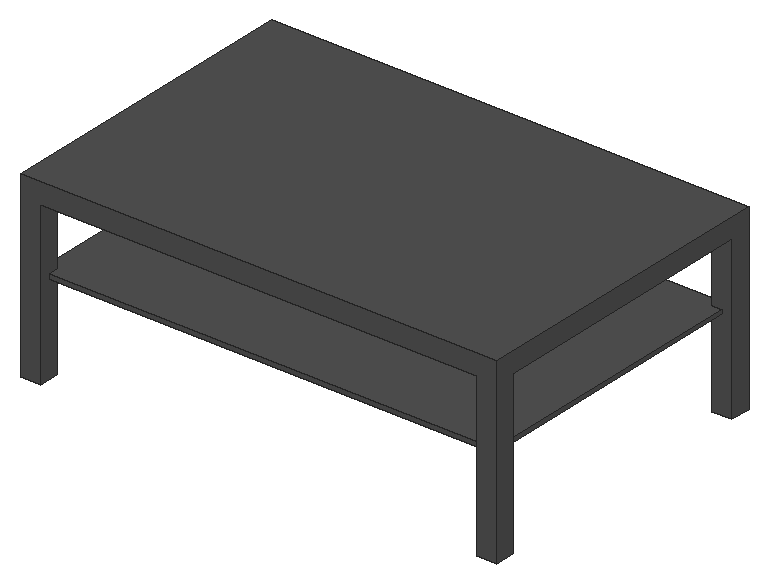
Revit family
Parameters
  Width = 1180 mm
  Thicknes = 50 mm
  Shelf Thicknes = Thicknes / 5  # 10 mm
  Material = Paint - Black
  Height = 450 mm
  Depth = 780 mm
Reference planes
  plane 1 "Centre (Front/Back)": y = 0
  plane 2: z = 0
  plane 3 "Centre (Left/Right)": x = 0
  plane 4 "Left": x = -590
  plane 5 "Right": x = 590
  plane 6 "Back": y = 390
  plane 7 "Front": y = -390
  plane 8 "Top": z = 450
  plane 9 "Shelf": z = 225
Forms (mm)
  Extrusion 1, solid, material "Paint - Black" <- "Material"
    sketch origin (0, 0, 0) x (1, 0, 0) y (0, 1, 0)
      loop
        line (-590, 390) -> (-590, 340) -> (-540, 340) -> (-540, 390) -> (-590, 390)
      loop
        line (-590, -390) -> (-540, -390) -> (-540, -340) -> (-590, -340) -> (-590, -390)
      loop
        line (590, -390) -> (590, -340) -> (540, -340) -> (540, -390) -> (590, -390)
      loop
        line (590, 390) -> (540, 390) -> (540, 340) -> (590, 340) -> (590, 390)
    from 0 to 450
  Extrusion 2, solid, material "Paint - Black" <- "Material"
    sketch origin (0, 390, 0) x (1, 0, 0) y (0, 0, 1)
      loop
        line (-590, 450) -> (-590, 400) -> (590, 400) -> (590, 450) -> (-590, 450)
    from 0 to 780
  Extrusion 3, solid, material "Paint - Black" <- "Material"
    sketch origin (0, 0, 225) x (-1, 0, 0) y (0, -1, 0)
      loop
        line (540, -365) -> (540, -340) -> (565, -340) -> (565, 340) -> (540, 340) -> (540, 365) -> (-540, 365) -> (-540, 340) -> (-565, 340) -> (-565, -340) -> (-540, -340) -> (-540, -365) -> (540, -365)
    from 0 to 10
Cuts and joins
  joined: Extrusion 1, Extrusion 2, Extrusion 3
Dimensions and locks
  "Width": plane 4 "Left" to plane 5 "Right"
  "Depth": plane 7 "Front" to plane 6 "Back"
  equal spacing: plane 4 "Left", plane 3 "Centre (Left/Right)", plane 5 "Right"
  equal spacing: plane 7 "Front", plane 1 "Centre (Front/Back)", plane 6 "Back"
  "Height": plane 8 "Top" to plane 2
  "Thicknes": Extrusion 1 sketch curve to plane 6 "Back"  (x2)
  "Thicknes": plane 4 "Left" to Extrusion 1 sketch curve  (x2)
  "Thicknes": Extrusion 1 sketch curve to plane 7 "Front"
  "Thicknes": Extrusion 1 sketch curve to plane 5 "Right"  (x2)
  "Thicknes": plane 7 "Front" to Extrusion 1 sketch curve
  "Thicknes": plane 8 "Top" to Extrusion 2 sketch curve
  equal spacing: plane 8 "Top", plane 9 "Shelf", plane 2
  aligned and locked: plane 6 "Back" to Extrusion 1 sketch curve
  aligned and locked: Extrusion 1 sketch curve to plane 6 "Back"
  aligned and locked: plane 5 "Right" to Extrusion 1 sketch curve
  aligned and locked: Extrusion 1 sketch curve to plane 5 "Right"
  aligned and locked: plane 7 "Front" to Extrusion 1 sketch curve
  aligned and locked: Extrusion 1 sketch curve to plane 7 "Front"
  aligned and locked: plane 4 "Left" to Extrusion 1 sketch curve
  aligned and locked: Extrusion 1 sketch curve to plane 4 "Left"
  aligned and locked: Extrusion 2 sketch curve to plane 8 "Top"
  aligned and locked: plane 4 "Left" to Extrusion 2 sketch curve
  aligned and locked: Extrusion 2 sketch curve to plane 5 "Right"
  aligned and locked: plane 7 "Front" to Extrusion 2
  aligned and locked: Extrusion 2 to plane 6 "Back"
  aligned and locked: cut or joined group of Extrusion 1, Extrusion 2, Extrusion 3 to Extrusion 3 sketch curve  (x8)
  aligned and locked: Extrusion 3 sketch curve to cut or joined group of Extrusion 1, Extrusion 2, Extrusion 3  (x4)
Automatic sketch dimensions
  Extrusion 3 sketch curve to Extrusion 3 sketch curve = 25 mm
  Extrusion 3 sketch curve to plane 5 "Right" = 25 mm
  plane 4 "Left" to Extrusion 3 sketch curve = 25 mm
  Extrusion 3 sketch curve to plane 7 "Front" = 25 mm
